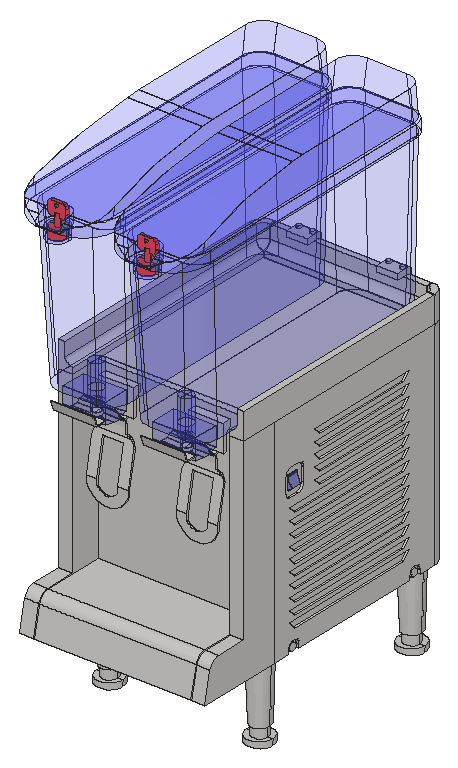
Revit family "QF_ELECTROLUXPROFESSIONAL_600924_ECS2E22UK", category Specialty Equipment, Revit 2018
Family settings
  Round Connector Dimension = Use Diameter
  Part Type = Normal
  Work Plane-Based = No
  Always vertical = Yes
  Cut with Voids When Loaded = No
  Shared = No
  Room Calculation Point = No
Parameters (values of type "Standard")
  Weight = 20.00 kg
  Watts = 0 W
  Volts = 230 V
  URL Manufacturer = "http://professional.electrolux.com"
  URL = "http://professional.electrolux.com"
  Steam Supply Size = 0 mm
  Steam Supply Minimum Pressure = 0.0 Pa
  Steam Supply Maximum Pressure = 0.0 Pa
  Steam Pounds per Hour = 0
  Refrigeration Suction Line Size = 0 mm
  Refrigeration Liquid Line Size = 0 mm
  Refrigerant Compressor Remote = yes
  Manufacturer = "Electrolux Professional"
  Phase = 1
  Model = "ECS2E22UK"
  Length Actual = 267.0 mm  # constant formula
  Item Number = "600924"
  Hot Water Size = 0 mm
  Height Actual = 729.0 mm  # constant formula
  HP = "0.5 HP"
  Gas Size = 0 mm
  Gas KW = 0
  Gas Input Pressure = 0 W
  Direct Waste Size = 0 mm
  Description = "COLD BEV DISP. 2x9 LT, AGITATOR-UK PLUG"
  Depth Actual = 451.0 mm  # constant formula
  Cycle = 60 Hz
  Condensate Return Size = 0 mm
  Compressed Air Volume = 0.0 L/s
  Compressed Air Size = 0 mm
  Compressed Air Pressure = 0.0 Pa
  Cold Water Size = 0 mm
  Accessory = yes
Reference planes
  plane 1 "Center (Front/Back)": y = 0
  plane 2 "BASE": z = 0
  plane 3 "Center (Left/Right)": x = 0
  plane 4 "FEET": z = 110
  plane 5 "BACK": y = 212
  plane 6 "LEFT": x = -133
  plane 7 "RIGHT": x = 133
  plane 8 "FeetBack": y = 182
  plane 9 "EI_Front": y = 43
  plane 10 "TopBase": z = 420
  plane 11 "TOP": z = 729
  plane 12 "FRONT": y = -256
  plane 13 "FeetFront": y = -91
  plane 14 "Fillet": y = 192
  plane 15 "EI_Left": x = 107.6
  plane 16 "BaseVasca": z = 420
  plane 17 "Key": y = -238.074
Forms (mm)
  Extrusion 1, solid, material "QF_Finishes_Rubber Black"
    sketch origin (0, -237.264, 237.417) x (-1, 0, 0) y (0, 0, 1)
      loop
        line (-134.813, 85.505) -> (-130.245, 83.471) -> (-130.245, 81.362) -> (-128, 81.362) -> (-128, 101.362) -> (-130.245, 101.362)
        arc (-130.245, 101.362) -> (-131.172, 93.043) -> (-134.813, 85.505) r 24.82
    from 185 to 170
  Extrusion 2, solid, material "QF_Clearances", detail levels coarse
    sketch origin (1888.173, -11.659, 0) x (1, 0, 0) y (0, 1, 0)
      loop
        line (-2021.173, -244.341) -> (-2021.173, 223.659) -> (-1755.173, 223.659) -> (-1755.173, -244.341) -> (-1628.173, -244.341) -> (-1628.173, 373.659) -> (-2148.173, 373.659) -> (-2148.173, -244.341) -> (-2021.173, -244.341)
    from 0 to 729
  Revolve 3, solid, material "QF_Finishes_Stainless Steel"
    sketch origin (0, -91, 0) x (0, 0, 1) y (1, 0, 0)
      loop
        line (0, 127) -> (0, 108) -> (110, 108) -> (110, 125.038) -> (23, 122) -> (23, 119) -> (8, 119) -> (8, 127) -> (0, 127)
      axis (0, 108) -> (110, 108)
    angle from 0 to 360
  Revolve 4, solid, material "QF_Finishes_Stainless Steel"
    sketch origin (0, -91, 0) x (0, 0, 1) y (1, 0, 0)
      loop
        line (0, -127) -> (8, -127) -> (8, -119) -> (23, -119) -> (23, -122) -> (110, -125.038) -> (110, -108) -> (0, -108) -> (0, -127)
      axis (0, -108) -> (110, -108)
    angle from 0 to 360
  Revolve 5, solid, material "QF_Finishes_Stainless Steel"
    sketch origin (0, 182, 0) x (-1, 0, 0) y (0, 0, 1)
      loop
        line (-127, 0) -> (-108, 0) -> (-108, 110) -> (-125.038, 110) -> (-122, 23) -> (-119, 23) -> (-119, 8) -> (-127, 8) -> (-127, 0)
      axis (-108, 0) -> (-108, 110)
    angle from 0 to 360
  Revolve 6, solid, material "QF_Finishes_Stainless Steel"
    sketch origin (0, 182, 0) x (-1, 0, 0) y (0, 0, 1)
      loop
        line (127, 0) -> (127, 8) -> (119, 8) -> (119, 23) -> (122, 23) -> (125.038, 110) -> (108, 110) -> (108, 0) -> (127, 0)
      axis (108, 0) -> (108, 110)
    angle from 0 to 360
  Extrusion 7, solid, material "QF_Finishes_Stainless Steel"
    sketch origin (133, 0, 0) x (0, -1, 0) y (0, 0, 1)
      loop
        line (96.764, 110) -> (221, 110) -> (211.598, 151.16)
        arc (211.598, 151.16) -> (205.975, 160.107) -> (196, 163.597) r 16
        line (196, 163.597) -> (151, 163.597) -> (151, 420) -> (96.764, 420) -> (96.764, 110)
    from 20 to 0
  Extrusion 8, solid, material "QF_Finishes_Stainless Steel"
    sketch origin (0, 0, 0) x (0, 1, 0) y (0, 0, 1)
      loop
        line (-96.764, 110) -> (-96.764, 420) -> (-106, 420) -> (-106, 163.597) -> (-196, 163.597)
        arc (-196, 163.597) -> (-205.975, 160.107) -> (-211.598, 151.16) r 16
        line (-211.598, 151.16) -> (-221, 110) -> (-96.764, 110)
    from -113 to 113
  Extrusion 9, solid, material "QF_Finishes_Stainless Steel"
    sketch origin (133, -1000, 0) x (0, -1, 0) y (0, 0, 1)
      loop
        line (-903.236, 110) -> (-903.236, 420) -> (-1192, 420) -> (-1192, 110) -> (-1166, 110) -> (-1166, 115.694)
        arc (-1166, 115.694) -> (-1156, 125.694) -> (-1146, 115.694) r 10
        line (-1146, 115.694) -> (-1146, 110) -> (-948, 110) -> (-948, 115.694)
        arc (-948, 115.694) -> (-938, 125.694) -> (-928, 115.694) r 10
        line (-928, 115.694) -> (-928, 110) -> (-903.236, 110)
      loop
        arc (-923.159, 339.837) -> (-926.088, 346.908) -> (-933.159, 349.837) r 10
        line (-933.159, 349.837) -> (-947.159, 349.837)
        arc (-947.159, 349.837) -> (-954.23, 346.908) -> (-957.159, 339.837) r 10
        line (-957.159, 339.837) -> (-957.159, 319.837)
        arc (-957.159, 319.837) -> (-954.23, 312.766) -> (-947.159, 309.837) r 10
        line (-947.159, 309.837) -> (-933.159, 309.837)
        arc (-933.159, 309.837) -> (-926.088, 312.766) -> (-923.159, 319.837) r 10
        line (-923.159, 319.837) -> (-923.159, 339.837)
      loop
        line (-974.071, 381.364) -> (-1149.071, 381.364) -> (-1137.071, 369.364) -> (-986.071, 369.364) -> (-974.071, 381.364)
      loop
        line (-974.071, 364.864) -> (-1149.071, 364.864) -> (-1137.071, 352.864) -> (-986.071, 352.864) -> (-974.071, 364.864)
      loop
        line (-974.071, 348.364) -> (-1149.071, 348.364) -> (-1137.071, 336.364) -> (-986.071, 336.364) -> (-974.071, 348.364)
      loop
        line (-974.071, 331.864) -> (-1149.071, 331.864) -> (-1137.071, 319.864) -> (-986.071, 319.864) -> (-974.071, 331.864)
      loop
        line (-974.071, 315.364) -> (-1149.071, 315.364) -> (-1137.071, 303.364) -> (-986.071, 303.364) -> (-974.071, 315.364)
      loop
        line (-929.071, 298.864) -> (-1149.071, 298.864) -> (-1137.071, 286.864) -> (-941.071, 286.864) -> (-929.071, 298.864)
      loop
        line (-929.071, 282.364) -> (-1149.071, 282.364) -> (-1137.071, 270.364) -> (-941.071, 270.364) -> (-929.071, 282.364)
      loop
        line (-929.071, 265.864) -> (-1149.071, 265.864) -> (-1137.071, 253.864) -> (-941.071, 253.864) -> (-929.071, 265.864)
      loop
        line (-929.071, 249.364) -> (-1149.071, 249.364) -> (-1137.071, 237.364) -> (-941.071, 237.364) -> (-929.071, 249.364)
      loop
        line (-929.071, 232.864) -> (-1149.071, 232.864) -> (-1137.071, 220.864) -> (-941.071, 220.864) -> (-929.071, 232.864)
      loop
        line (-929.071, 216.364) -> (-1149.071, 216.364) -> (-1137.071, 204.364) -> (-941.071, 204.364) -> (-929.071, 216.364)
      loop
        line (-929.071, 199.864) -> (-1149.071, 199.864) -> (-1137.071, 187.864) -> (-941.071, 187.864) -> (-929.071, 199.864)
      loop
        line (-929.071, 183.364) -> (-1149.071, 183.364) -> (-1137.071, 171.364) -> (-941.071, 171.364) -> (-929.071, 183.364)
      loop
        line (-929.071, 166.864) -> (-1149.071, 166.864) -> (-1137.071, 154.864) -> (-941.071, 154.864) -> (-929.071, 166.864)
      loop
        line (-929.071, 150.364) -> (-1149.071, 150.364) -> (-1137.071, 138.364) -> (-941.071, 138.364) -> (-929.071, 150.364)
    from 5 to 0
  Extrusion 10, solid, material "QF_Finishes_Stainless Steel"
    sketch origin (-133, 0, 0) x (0, 1, 0) y (0, 0, 1)
      loop
        line (-96.764, 110) -> (-96.764, 420) -> (-151, 420) -> (-151, 163.597) -> (-196, 163.597)
        arc (-196, 163.597) -> (-205.975, 160.107) -> (-211.598, 151.16) r 16
        line (-211.598, 151.16) -> (-221, 110) -> (-96.764, 110)
    from 20 to 0
  Extrusion 11, solid, material "QF_Finishes_Stainless Steel"
    sketch origin (-133, 0, 0) x (0, 1, 0) y (0, 0, 1)
      loop
        line (-96.764, 110) -> (-72, 110) -> (-72, 115.694)
        arc (-72, 115.694) -> (-62, 125.694) -> (-52, 115.694) r 10
        line (-52, 115.694) -> (-52, 110) -> (146, 110) -> (146, 115.694)
        arc (146, 115.694) -> (156, 125.694) -> (166, 115.694) r 10
        line (166, 115.694) -> (166, 110) -> (192, 110) -> (192, 420) -> (-96.764, 420) -> (-96.764, 110)
      loop
        line (-70.929, 381.364) -> (-58.929, 369.364) -> (137.071, 369.364) -> (149.071, 381.364) -> (-70.929, 381.364)
      loop
        line (-70.929, 364.864) -> (-58.929, 352.864) -> (137.071, 352.864) -> (149.071, 364.864) -> (-70.929, 364.864)
      loop
        line (-70.929, 348.364) -> (-58.929, 336.364) -> (137.071, 336.364) -> (149.071, 348.364) -> (-70.929, 348.364)
      loop
        line (-70.929, 331.864) -> (-58.929, 319.864) -> (137.071, 319.864) -> (149.071, 331.864) -> (-70.929, 331.864)
      loop
        line (-70.929, 315.364) -> (-58.929, 303.364) -> (137.071, 303.364) -> (149.071, 315.364) -> (-70.929, 315.364)
      loop
        line (-70.929, 298.864) -> (-58.929, 286.864) -> (137.071, 286.864) -> (149.071, 298.864) -> (-70.929, 298.864)
      loop
        line (-70.929, 282.364) -> (-58.929, 270.364) -> (137.071, 270.364) -> (149.071, 282.364) -> (-70.929, 282.364)
      loop
        line (-70.929, 265.864) -> (-58.929, 253.864) -> (137.071, 253.864) -> (149.071, 265.864) -> (-70.929, 265.864)
      loop
        line (-70.929, 249.364) -> (-58.929, 237.364) -> (137.071, 237.364) -> (149.071, 249.364) -> (-70.929, 249.364)
      loop
        line (-70.929, 232.864) -> (-58.929, 220.864) -> (137.071, 220.864) -> (149.071, 232.864) -> (-70.929, 232.864)
      loop
        line (-70.929, 216.364) -> (-58.929, 204.364) -> (137.071, 204.364) -> (149.071, 216.364) -> (-70.929, 216.364)
      loop
        line (-70.929, 199.864) -> (-58.929, 187.864) -> (137.071, 187.864) -> (149.071, 199.864) -> (-70.929, 199.864)
      loop
        line (-70.929, 183.364) -> (-58.929, 171.364) -> (137.071, 171.364) -> (149.071, 183.364) -> (-70.929, 183.364)
      loop
        line (-70.929, 166.864) -> (-58.929, 154.864) -> (137.071, 154.864) -> (149.071, 166.864) -> (-70.929, 166.864)
      loop
        line (-70.929, 150.364) -> (-58.929, 138.364) -> (137.071, 138.364) -> (149.071, 150.364) -> (-70.929, 150.364)
    from 5 to 0
  Extrusion 12, solid, material "QF_Finishes_Stainless Steel"
    sketch origin (0, 0, 0) x (0, 1, 0) y (0, 0, 1)
      loop
        line (-96.764, 110) -> (192, 110) -> (192, 420) -> (-96.764, 420) -> (-96.764, 110)
    from 128 to -128
  Extrusion 13, solid, material "QF_Finishes_Stainless Steel"
    sketch origin (0, 0, 0) x (0, 1, 0) y (0, 0, 1)
      loop
        line (212, 110) -> (212, 420) -> (192, 420) -> (192, 110) -> (212, 110)
    from 113 to -113
  Extrusion 14, solid, material "QF_Finishes_Stainless Steel"
    sketch origin (0, -256, 0) x (-1, 0, 0) y (0, 0, 1)
      loop
        line (-133, 420) -> (-113, 420) -> (-113, 428.026)
        arc (-113, 428.026) -> (-120.802, 431.235) -> (-124.037, 439.026) r 11
        line (-124.037, 439.026) -> (-124.037, 458.026) -> (-133, 458.026) -> (-133, 420)
      loop
        line (133, 420) -> (133, 458.026) -> (124.037, 458.026) -> (124.037, 439.026)
        arc (124.037, 439.026) -> (120.802, 431.235) -> (113, 428.026) r 11
        line (113, 428.026) -> (113, 420) -> (133, 420)
    from 448 to 105
  Extrusion 15, solid, material "QF_Finishes_Stainless Steel"
    sketch origin (0, 0, 0) x (0, 1, 0) y (0, 0, 1)
      loop
        line (212, 420) -> (212, 458.026) -> (203.037, 458.026) -> (203.037, 439.026)
        arc (203.037, 439.026) -> (199.802, 431.235) -> (192, 428.026) r 11
        line (192, 428.026) -> (192, 420) -> (212, 420)
    from 113 to -113
  Revolve 16, solid, material "QF_Finishes_Stainless Steel"
    sketch origin (0, 192, 0) x (-1, 0, 0) y (0, 0, 1)
      loop
        line (-113, 420) -> (-113, 428.026)
        arc (-113, 428.026) -> (-120.802, 431.235) -> (-124.037, 439.026) r 11
        line (-124.037, 439.026) -> (-124.037, 458.026) -> (-133, 458.026) -> (-133, 420) -> (-113, 420)
      axis (-113, 420) -> (-113, 458.026)
    angle from 0 to -90
  Revolve 17, solid, material "QF_Finishes_Stainless Steel"
    sketch origin (0, 192, 0) x (1, 0, 0) y (0, 0, 1)
      loop
        line (-113, 420) -> (-113, 428.026)
        arc (-113, 428.026) -> (-120.802, 431.235) -> (-124.037, 439.026) r 11
        line (-124.037, 439.026) -> (-124.037, 458.026) -> (-133, 458.026) -> (-133, 420) -> (-113, 420)
      axis (-113, 420) -> (-113, 458.026)
    angle from 0 to -90
  Extrusion 18, solid, material "QF_Finishes_Stainless Steel"
    sketch origin (0, 0, 110) x (-1, 0, 0) y (0, -1, 0)
      loop
        line (113, -192) -> (113, -212)
        arc (113, -212) -> (127.142, -206.142) -> (133, -192) r 20
        line (133, -192) -> (113, -192)
      loop
        arc (-133, -192) -> (-127.142, -206.142) -> (-113, -212) r 20
        line (-113, -212) -> (-113, -192) -> (-133, -192)
    from 0 to 310
  Extrusion 19, solid, material "QF_Finishes_Stainless Steel"
    sketch origin (133, 0, 0) x (0, -1, 0) y (0, 0, 1)
      loop
        circle (62, 115.694) r 5
      loop
        circle (-156, 115.694) r 5
    from 1 to 5
  Extrusion 20, solid, material "QF_Finishes_Stainless Steel"
    sketch origin (-133, 0, 0) x (0, 1, 0) y (0, 0, 1)
      loop
        circle (-62, 115.694) r 5
      loop
        circle (156, 115.694) r 5
    from 1 to 5
  Extrusion 21, solid, material "QF_Finishes_Stainless Steel"
    sketch origin (-0.4, 43, 110) x (-1, 0, 0) y (0, -1, 0)
      loop
        circle (-108, 0) r 10
    from 0 to -10
Lines and regions (mm)
  symbolic lines
    curve 1: arc (-113, 212, 420) -> (-127.142, 206.142, 420) -> (-133, 192, 420) r 20
    curve 2: line (113, 212, 420) -> (79.629, 212, 420)
    curve 3: arc (113, 212, 420) -> (127.142, 206.142, 420) -> (133, 192, 420) r 20
    curve 4: line (-133, 192, 420) -> (-133, -221, 420)
    curve 5: line (133, -221, 420) -> (133, 192, 420)
    curve 6: line (113, 203.037, 420) -> (79.631, 203.037, 420)
    curve 7: arc (-113, 203.037, 420) -> (-120.805, 199.805, 420) -> (-124.037, 192, 420) r 11.037
    curve 8: arc (113, 203.037, 420) -> (120.805, 199.805, 420) -> (124.037, 192, 420) r 11.037
    curve 9: line (-124.037, 192, 420) -> (-124.037, 177, 420)
    curve 10: line (124.037, 177.63, 420) -> (124.037, 192, 420)
    curve 11: line (-125.89, -151, 420) -> (-133, -151, 420)
    curve 12: line (-133, -221, 420) -> (-122.465, -221, 420)
    curve 13: line (-6.579, -221, 420) -> (10.535, -221, 420)
    curve 14: line (133, -221, 420) -> (122.574, -221, 420)
    curve 15: line (133, -151, 420) -> (126, -151, 420)
    curve 16: line (-79.631, 203.037, 420) -> (-113, 203.037, 420)
    curve 17: line (49.631, 203.037, 420) -> (-49.631, 203.037, 420)
    curve 18: line (49.631, 212, 420) -> (-49.631, 212, 420)
    curve 19: line (-79.642, 212, 420) -> (-113, 212, 420)
Dimensions and locks
  plane 4 "FEET" to level = 110.0 mm
  plane 6 "LEFT" to plane 3 "Center (Left/Right)" to plane 7 "RIGHT" = 133.0 mm, 133.0 mm
  plane 5 "BACK" to plane 1 "Center (Front/Back)" = 212.0 mm
  plane 6 "LEFT" to plane 7 "RIGHT" = 266.0 mm
  plane 5 "BACK" to plane 8 "FeetBack" = 30.0 mm
  plane 7 "RIGHT" to plane 6 "LEFT" = 266.0 mm
  plane 5 "BACK" to plane 12 "FRONT" = 468.0 mm
  plane 11 "TOP" to level = 729.0 mm
  plane 9 "EI_Front" to plane 5 "BACK" = 169.0 mm
  plane 10 "TopBase" to level = 420.0 mm
  plane 15 "EI_Left" to plane 7 "RIGHT" = 25.4 mm
  plane 5 "BACK" to plane 9 "EI_Front" = 169.0 mm
  aligned and locked: level to plane 2 "BASE"
Nested families
  nested 1: "CS2-V1" at (-64.631, 0.03, 0), type "CS2-V1"
  nested 2: "CS2-V1" at (64.631, 0.03, 0), type "CS2-V1"
Connectors
  electrical at (107.6, 43, 100), driven by "Volts"
    settings: on Extrusion 21, index 1, voltage 230 V, apparent load 0 VA, apparent load phase1 0 VA, apparent load phase2 0 VA, apparent load phase3 0 VA, power factor 1, load classification "Other", number of poles 1, system type 30, power factor state 1, is connector primary yes, connector utility no, sub classification motor no, connector description "Electrical Connection"
Definition of nested family "CS2-V1"
  Parameters (values of type "CS2-V1")
    Weight = 48.00 kg
    Watts = 71.5353 W
    Volts = 230 V
    URL Manufacturer = "http://professional.electrolux.com"
    URL = "http://professional.electrolux.com"
    Steam Supply Size = 0 mm
    Steam Supply Minimum Pressure = 0.0 Pa
    Steam Supply Maximum Pressure = 0.0 Pa
    Steam Pounds per Hour = 0
    Refrigeration Suction Line Size = 0 mm
    Refrigeration Liquid Line Size = 0 mm
    Refrigerant Compressor Remote = yes
    Manufacturer = "Electrolux"
    Phase = 1
    Model = "SP2ITNK"
    Length Actual = 447.0 mm  # constant formula
    Item Number = "560013"
    Hot Water Size = 0 mm
    Height Actual = 612.0 mm  # constant formula
    HP = "1 HP"
    Gas Size = 0 mm
    Gas KW = 0
    Gas Input Pressure = 0 W
    Description = "2X5 LT BOWL - FROZEN GRANITA AND FROZEN CREAM DISPENSER - 2 INSULATED BOWLS - WHITE"
    Depth Actual = 438.0 mm  # constant formula
    Cycle = 50 Hz
    Condensate Return Size = 0 mm
    Compressed Air Volume = 0.0 L/s
    Compressed Air Size = 0 mm
    Compressed Air Pressure = 0.0 Pa
    Cold Water Size = 0 mm
    Accessory = yes
  Reference planes
    plane 1 "Center (Front/Back)": y = 0
    plane 2 "BASE": z = 0
    plane 3 "Center (Left/Right)": x = 0
    plane 4 "FEET": z = 110
    plane 5 "BACK": y = 212
    plane 6 "LEFT": x = -66.5
    plane 7 "RIGHT": x = 66.5
    plane 8 "TopBase": z = 420
    plane 9 "TOP": z = 729
    plane 10 "FRONT": y = -256
    plane 11 "Fillet": y = 192
    plane 12 "BaseVasca": z = 420
    plane 13 "Key": y = -238.074
    plane 14: y = -168.455
  Forms (mm)
    Blend 1, solid
      base sketch origin (64.522, 0, 420) x (0, -1, 0) y (1, 0, 0)
        loop
          arc (178, -116.522) -> (195.678, -109.199) -> (203, -91.522) r 25
          line (203, -91.522) -> (203, -37.522)
          arc (203, -37.522) -> (195.678, -19.844) -> (178, -12.522) r 25
          line (178, -12.522) -> (-167, -12.522)
          arc (-167, -12.522) -> (-184.678, -19.844) -> (-192, -37.522) r 25
          line (-192, -37.522) -> (-192, -91.522)
          arc (-192, -91.522) -> (-184.678, -109.199) -> (-167, -116.522) r 25
          line (-167, -116.522) -> (178, -116.522)
      top sketch origin (64.522, 0, 420) x (0, -1, 0) y (1, 0, 0)
        loop
          arc (-192, -98.022) -> (-184.678, -115.699) -> (-167, -123.022) r 25
          line (-167, -123.022) -> (193, -123.022)
          arc (193, -123.022) -> (210.678, -115.699) -> (218, -98.022) r 25
          line (218, -98.022) -> (218, -31.022)
          arc (218, -31.022) -> (210.678, -13.344) -> (193, -6.022) r 25
          line (193, -6.022) -> (-167, -6.022)
          arc (-167, -6.022) -> (-184.678, -13.344) -> (-192, -31.022) r 25
          line (-192, -31.022) -> (-192, -98.022)
      from 8 to 247
    Blend 2, solid
      base sketch origin (133, 0, 420) x (0, -1, 0) y (1, 0, 0)
        loop
          arc (-192, -166.706) -> (-184.678, -184.383) -> (-167, -191.706) r 25
          line (-167, -191.706) -> (210.038, -191.706)
          arc (210.038, -191.706) -> (240.444, -179.111) -> (253.038, -148.706) r 43
          line (253.038, -148.706) -> (253.038, -117.706)
          arc (253.038, -117.706) -> (240.444, -87.3) -> (210.038, -74.706) r 43
          line (210.038, -74.706) -> (-167, -74.706)
          arc (-167, -74.706) -> (-184.678, -82.028) -> (-192, -99.706) r 25
          line (-192, -99.706) -> (-192, -166.706)
      top sketch origin (133, 0, 420) x (0, -1, 0) y (1, 0, 0)
        loop
          arc (-192, -161.5) -> (-184.678, -179.178) -> (-167, -186.5) r 25
          line (-167, -186.5) -> (200.138, -186.5)
          arc (200.138, -186.5) -> (235.494, -171.855) -> (250.138, -136.5) r 50
          line (250.138, -136.5) -> (250.138, -129.5)
          arc (250.138, -129.5) -> (235.494, -94.145) -> (200.138, -79.5) r 50
          line (200.138, -79.5) -> (-167, -79.5)
          arc (-167, -79.5) -> (-184.678, -86.822) -> (-192, -104.5) r 25
          line (-192, -104.5) -> (-192, -161.5)
      from 265.34 to 309
    Extrusion 3, solid
      sketch origin (64.522, 0, 420) x (0, -1, 0) y (1, 0, 0)
        loop
          line (256, -82.29) -> (256, -46.753)
          arc (256, -46.753) -> (236.607, -15.408) -> (201.845, -3.153) r 55.433
          line (201.845, -3.153) -> (-168.323, -3.153)
          arc (-168.323, -3.153) -> (-187.191, -11.767) -> (-194.9, -31.022) r 27.9
          line (-194.9, -31.022) -> (-194.9, -98.022)
          arc (-194.9, -98.022) -> (-187.191, -117.277) -> (-168.323, -125.89) r 27.9
          line (-168.323, -125.89) -> (201.845, -125.89)
          arc (201.845, -125.89) -> (236.607, -113.636) -> (256, -82.29) r 55.433
      from 265.34 to 247
    Extrusion 4, void
      sketch origin (108, 0, 0) x (0, 1, 0) y (0, 0, 1)
        loop
          line (-26.39, 729) -> (-26.39, 734) -> (-256, 734) -> (-256, 669.303) -> (-254.726, 672.803)
          arc (-254.726, 672.803) -> (-252.106, 677.514) -> (-248.147, 681.172) r 17.063
          arc (-248.147, 681.172) -> (-148.754, 713.466) -> (-45.263, 728.011) r 599.546
          line (-45.263, 728.011) -> (-26.39, 729)
      from -174.5 to -41.5
    Extrusion 5, void
      sketch origin (0, 0, 0) x (0, 1, 0) y (0, 0, 1)
        loop
          arc (-249.651, 680.531) -> (-239.286, 684.849) -> (-228.842, 688.973) r 599.546
          line (-228.842, 688.973) -> (-262.493, 688.973) -> (-262.493, 670.038) -> (-256, 670.038)
          arc (-256, 670.038) -> (-254.289, 676.17) -> (-249.651, 680.531) r 11.845
      from -66.5 to 66.5
    Extrusion 6, void
      sketch origin (0, 0, 420) x (0, -1, 0) y (1, 0, 0)
        loop
          line (238.074, -17.633) -> (256, -17.633) -> (256, 17.633) -> (238.074, 17.633)
          arc (238.074, 17.633) -> (220.441, 0) -> (238.074, -17.633) r 17.633
      from 249.303 to 265.34
    Extrusion 7, void
      sketch origin (64.522, 0, 420) x (0, -1, 0) y (1, 0, 0)
        loop
          circle (238.074, -64.522) r 12
      from 233.373 to 247
    Extrusion 8, solid
      sketch origin (64.522, 0, 420) x (0, -1, 0) y (1, 0, 0)
        loop
          circle (238.074, -64.522) r 15.757
      from 230.564 to 247
    Revolve 9, solid
      sketch origin (64.522, -238.074, 0) x (-1, 0, 0) y (0, 0, 1)
        loop
          line (64.522, 683.398) -> (61.099, 683.398) -> (61.099, 667) -> (52.522, 667) -> (52.522, 653.373) -> (64.522, 653.373) -> (64.522, 683.398)
        axis (64.522, 653.373) -> (64.522, 683.398)
      angle from 0 to 360
    Extrusion 10, solid
      sketch origin (64.522, -238.074, 0) x (-1, 0, 0) y (0, 0, 1)
        loop
          line (62.099, 683.398) -> (66.944, 683.398) -> (66.944, 678.398) -> (71.849, 678.398)
          arc (71.849, 678.398) -> (76.091, 680.156) -> (77.849, 684.398) r 6
          line (77.849, 684.398) -> (77.849, 692.398)
          arc (77.849, 692.398) -> (76.091, 696.641) -> (71.849, 698.398) r 6
          line (71.849, 698.398) -> (57.195, 698.398)
          arc (57.195, 698.398) -> (52.952, 696.641) -> (51.195, 692.398) r 6
          line (51.195, 692.398) -> (51.195, 684.398)
          arc (51.195, 684.398) -> (52.952, 680.156) -> (57.195, 678.398) r 6
          line (57.195, 678.398) -> (62.099, 678.398) -> (62.099, 683.398)
        loop
          circle (64.522, 693.106) r 3
      from -2 to 2
    Extrusion 11, solid
      sketch origin (0, 0, 0) x (0, 1, 0) y (0, 0, 1)
        loop
          line (-190.5, 428) -> (-190.5, 398) -> (-174.107, 395.109) -> (-164.107, 395.109) -> (-159.607, 399.609) -> (-153.116, 399.609) -> (-153.116, 428) -> (-190.5, 428)
      from -31.045 to 31
    Revolve 12, void
      sketch origin (0, 0, 0) x (0, 1, 0) y (0, 0, 1)
        loop
          line (-168.455, 463.265) -> (-178.327, 463.265) -> (-178.327, 410.984) -> (-175.351, 410.984) -> (-175.351, 398) -> (-174.149, 398) -> (-174.149, 388) -> (-168.455, 388) -> (-168.455, 463.265)
        axis (-168.455, 388) -> (-168.455, 463.265)
      angle from 0 to 360
    Revolve 13, solid
      sketch origin (0, 0, 0) x (0, 1, 0) y (0, 0, 1)
        loop
          line (-168.455, 385.109) -> (-163.455, 385.109) -> (-163.455, 395.109) -> (-161.56, 395.109) -> (-161.56, 398) -> (-168.455, 398) -> (-168.455, 385.109)
        axis (-168.455, 398) -> (-168.455, 385.109)
      angle from 0 to 360
    Extrusion 14, solid
      sketch origin (0, 0, 0) x (0, 1, 0) y (0, 0, 1)
        loop
          line (-211.42, 417.932) -> (-207.338, 404.58) -> (-190.5, 404.58) -> (-190.5, 405.58) -> (-206.598, 405.58) -> (-210.464, 418.224) -> (-211.42, 417.932)
      from -31.045 to 31
    Extrusion 15, solid
      sketch origin (0, 0, 0) x (0, 1, 0) y (0, 0, 1)
        loop
          line (-149.25, 259.609) -> (-148.25, 259.609) -> (-148.25, 296.088) -> (-136.39, 354.802)
          arc (-136.39, 354.802) -> (-135.207, 366.291) -> (-136.255, 377.793) r 59.784
          line (-136.255, 377.793) -> (-131.876, 379.387) -> (-129.145, 379.387) -> (-129.145, 380.887) -> (-132.141, 380.887) -> (-136.557, 379.279) -> (-139.722, 379.279) -> (-156.78, 399.609) -> (-158.086, 399.609) -> (-140.188, 378.279) -> (-137.37, 378.279)
          arc (-137.37, 378.279) -> (-136.206, 366.64) -> (-137.37, 355) r 58.784
          line (-137.37, 355) -> (-149.25, 296.188) -> (-149.25, 259.609)
      from -30 to 30
    Extrusion 16, void
      sketch origin (0, -238.074, 0) x (-1, 0, 0) y (0, 0, 1)
        loop
          line (15, 348.279) -> (-15, 348.279) -> (-15, 288.279)
          arc (-15, 288.279) -> (0, 279.279) -> (15, 288.279) r 17
          line (15, 288.279) -> (15, 348.279)
        loop
          arc (30, 288.469) -> (0, 265.279) -> (-30, 288.469) r 31
          line (-30, 288.469) -> (-30, 344.632)
          arc (-30, 344.632) -> (-26.112, 354.705) -> (-16.464, 359.553) r 14.993
          line (-16.464, 359.553) -> (-16.464, 399.609) -> (-36.464, 399.609) -> (-36.464, 259.609) -> (36.464, 259.609) -> (36.464, 399.609) -> (16.464, 399.609) -> (16.464, 359.553)
          arc (16.464, 359.553) -> (26.112, 354.705) -> (30, 344.632) r 14.993
          line (30, 344.632) -> (30, 288.469)
      from 79.263 to 108.929
    Extrusion 17, solid
      sketch origin (0, 0, 0) x (0, 1, 0) y (0, 0, 1)
        loop
          line (-133.507, 380.887) -> (-129.145, 380.887) -> (-129.145, 406.439) -> (-121.488, 410.009) -> (-121.488, 420.078) -> (-133.507, 420.078) -> (-133.507, 380.887)
      from -25 to 24.963
    Extrusion 18, solid
      sketch origin (0, 0, 0) x (0, 1, 0) y (0, 0, 1)
        loop
          line (192, 458) -> (212, 458) -> (212, 447.335) -> (215, 447.335) -> (215, 462.335)
          arc (215, 462.335) -> (213.865, 465.076) -> (211.123, 466.212) r 3.877
          line (211.123, 466.212) -> (192, 466.212) -> (192, 458)
      from 15 to -15
    Extrusion 19, solid
      sketch origin (0, 0, 420) x (0, -1, 0) y (1, 0, 0)
        loop
          circle (-207, -10) r 3
        loop
          circle (-207, 10) r 3
      from 46.212 to 48.2
  Cuts and joins
    Extrusion 4, Extrusion 6 cuts Blend 2
    Extrusion 5, Extrusion 6, Extrusion 7 cuts Extrusion 3
    Extrusion 7, Revolve 12 cuts Blend 1
    Extrusion 7 cuts Extrusion 8
    Revolve 12, Extrusion 16 cuts Extrusion 11
    Extrusion 16 cuts Extrusion 15
  Lines and regions (mm)
    symbolic lines
      curve 1: arc (-28.5, 192, 420) -> (-46.178, 184.678, 420) -> (-53.5, 167, 420) r 25
      curve 2: arc (-58.706, 167, 420) -> (-51.383, 184.678, 420) -> (-33.706, 192, 420) r 25
      curve 3: arc (-33.5, 194.9, 420) -> (-52.755, 187.191, 420) -> (-61.369, 168.323, 420) r 27.9
      curve 4: line (-33.5, 194.9, 420) -> (33.5, 194.9, 420)
      curve 5: arc (61.369, 168.323, 420) -> (52.755, 187.191, 420) -> (33.5, 194.9, 420) r 27.9
      curve 6: arc (33.294, 192, 420) -> (50.972, 184.678, 420) -> (58.294, 167, 420) r 25
      curve 7: arc (53.5, 167, 420) -> (46.178, 184.678, 420) -> (28.5, 192, 420) r 25
      curve 8: line (33.294, 192, 420) -> (-33.706, 192, 420)
      curve 9: line (-61.369, -201.845, 420) -> (-61.369, 168.323, 420)
      curve 10: line (-58.706, -210.038, 420) -> (-58.706, 167, 420)
      curve 11: line (-53.5, 167, 420) -> (-53.5, -26.39, 420)
      curve 12: line (53.5, -26.39, 420) -> (53.5, 167, 420)
      curve 13: line (58.294, 167, 420) -> (58.294, -210.038, 420)
      curve 14: line (61.369, 168.323, 420) -> (61.369, -201.845, 420)
      curve 15: line (-53.5, -26.39, 420) -> (53.5, -26.39, 420)
      curve 16: arc (-61.369, -201.845, 420) -> (-49.07, -236.662, 420) -> (-17.633, -256.03, 420) r 55.433
      curve 17: arc (-48.4, -237.968, 420) -> (-56.047, -224.923, 420) -> (-58.706, -210.038, 420) r 43
      curve 18: spline (-57.335, -207.457, 420) -> (-57.408, -210.163, 420) -> (-57.328, -212.865, 420) -> (-57.096, -215.554, 420) -> (-56.712, -218.224, 420) -> (-56.178, -220.866, 420) -> (-55.494, -223.473, 420) -> (-54.663, -226.037, 420) -> (-53.688, -228.551, 420) -> (-52.57, -231.008, 420) -> (-51.314, -233.401, 420) -> (-49.923, -235.723, 420) -> (-48.4, -237.968, 420)
      curve 19: arc (17.633, -256.03, 420) -> (49.07, -236.662, 420) -> (61.369, -201.845, 420) r 55.433
      curve 20: arc (58.294, -210.038, 420) -> (55.636, -224.923, 420) -> (47.989, -237.968, 420) r 43
      curve 21: spline (47.989, -237.968, 420) -> (49.521, -235.721, 420) -> (50.921, -233.396, 420) -> (52.187, -231.001, 420) -> (53.314, -228.543, 420) -> (54.298, -226.028, 420) -> (55.138, -223.463, 420) -> (55.831, -220.857, 420) -> (56.374, -218.216, 420) -> (56.767, -215.547, 420) -> (57.008, -212.86, 420) -> (57.096, -210.16, 420) -> (57.032, -207.457, 420)
      curve 22: line (58.294, 167, 420) -> (58.294, -210.038, 420)
      curve 23: line (-17.633, -256.03, 420) -> (-17.633, -238.074, 420)
      curve 24: line (13.327, -240.074, 420) -> (-13.327, -240.074, 420)
      curve 25: line (-13.327, -236.074, 420) -> (13.327, -236.074, 420)
      curve 26: line (17.633, -238.074, 420) -> (17.633, -256.03, 420)
      curve 27: line (17.769, -256, 420) -> (-17.769, -256, 420)
      curve 28: arc (2.777, -240.074, 420) -> (0, -241.496, 420) -> (-2.777, -240.074, 420) r 3.422
      curve 29: line (-53.5, -26.39, 420) -> (-57.335, -207.457, 420)
      curve 30: line (53.5, -26.39, 420) -> (57.032, -207.457, 420)
      curve 31: arc (17.633, -238.074, 420) -> (0, -220.441, 420) -> (-17.633, -238.074, 420) r 17.633
      curve 32: line (13.327, -240.074, 420) -> (13.327, -236.074, 420)
      curve 33: line (-13.327, -240.074, 420) -> (-13.327, -236.074, 420)
      curve 34: arc (-11.832, -236.074, 420) -> (0, -226.074, 420) -> (11.832, -236.074, 420) r 12
      curve 35: arc (11.832, -240.074, 420) -> (0, -250.074, 420) -> (-11.832, -240.074, 420) r 12
      curve 36: circle (0, -238.074, 420) r 15.757 normal (0, 0, -1)
      curve 37: arc (-2.777, -236.074, 420) -> (0, -234.652, 420) -> (2.777, -236.074, 420) r 3.422
      curve 38: line (-15, 194.9, 420) -> (-15, 215, 420)
      curve 39: line (-15, 215, 420) -> (15, 215, 420)
      curve 40: line (15, 215, 420) -> (15, 194.9, 420)
      curve 41: circle (-10, 207, 420) r 3 normal (0, 0, -1)
      curve 42: circle (10, 207, 420) r 3 normal (0, 0, 1)
  Dimensions and locks
    plane 4 "FEET" to level = 110.0 mm
    equal spacing: plane 6 "LEFT", plane 3 "Center (Left/Right)", plane 7 "RIGHT"
    plane 5 "BACK" to plane 1 "Center (Front/Back)" = 212.0 mm
    plane 6 "LEFT" to plane 7 "RIGHT" = 133.0 mm
    plane 7 "RIGHT" to plane 6 "LEFT" = 133.0 mm
    plane 5 "BACK" to plane 10 "FRONT" = 468.0 mm
    plane 9 "TOP" to level = 729.0 mm
    plane 8 "TopBase" to level = 420.0 mm
    radius of Extrusion 7 sketch curve = 12.0 mm
    aligned and locked: level to plane 2 "BASE"
  Automatic sketch dimensions
    Blend 1 sketch curve to plane 11 "Fillet" = 0.0 mm  (x2)
    Blend 1 sketch curve to Blend 1 sketch curve = 25.0 mm  (x3)
    plane 14 to Blend 1 sketch curve = 9.545 mm  (x2)
    plane 6 "LEFT" to Blend 1 sketch curve = 14.5 mm
    plane 3 "Center (Left/Right)" to Blend 1 sketch curve = 27.0 mm
    plane 7 "RIGHT" to Blend 1 sketch curve = 8.0 mm
    Blend 1 sketch curve to plane 11 "Fillet" = 25.0 mm  (x2)
    plane 6 "LEFT" to Blend 1 sketch curve = 8.0 mm
    plane 14 to Blend 1 sketch curve = 24.545 mm  (x2)
    plane 13 "Key" to Blend 1 sketch curve = 20.074 mm
    Extrusion 3 sketch curve to plane 10 "FRONT" = 0.0 mm
    Extrusion 3 sketch curve to plane 3 "Center (Left/Right)" = 5.936 mm
    plane 14 to Extrusion 3 sketch curve = 33.389 mm
    plane 3 "Center (Left/Right)" to Extrusion 3 sketch curve = 5.936 mm
    Extrusion 3 sketch curve to Extrusion 3 sketch curve = 0.0 mm
    Extrusion 3 sketch curve to plane 11 "Fillet" = 25.0 mm  (x2)
    Extrusion 3 sketch curve to plane 11 "Fillet" = 23.677 mm  (x2)
    plane 11 "Fillet" to Extrusion 3 sketch curve = 2.9 mm
    Extrusion 3 sketch curve to plane 3 "Center (Left/Right)" = 17.769 mm
    plane 3 "Center (Left/Right)" to Extrusion 3 sketch curve = 17.769 mm
    Extrusion 4 sketch curve to plane 10 "FRONT" = 0.0 mm
    plane 9 "TOP" to Extrusion 4 sketch curve = 0.0 mm
    plane 10 "FRONT" to Extrusion 4 sketch curve = 1.274 mm
    Extrusion 4 sketch curve to plane 13 "Key" = 0.619 mm
    plane 9 "TOP" to Extrusion 4 sketch curve = 0.989 mm
    plane 1 "Center (Front/Back)" to Extrusion 4 sketch curve = 45.263 mm
    Extrusion 4 sketch curve to Extrusion 4 sketch curve = 18.873 mm
    plane 1 "Center (Front/Back)" to Extrusion 4 sketch curve = 13.885 mm
    plane 9 "TOP" to Extrusion 4 sketch curve = 56.197 mm
    Extrusion 4 sketch curve to Extrusion 4 sketch curve = 3.5 mm
    Extrusion 4 sketch curve to Extrusion 4 sketch curve = 5.836 mm
    plane 4 "FEET" to Extrusion 4 sketch curve = 19.287 mm
    Extrusion 4 sketch curve to plane 9 "TOP" = 5.0 mm
    Extrusion 5 sketch curve to plane 10 "FRONT" = 0.0 mm
    Extrusion 5 sketch curve to plane 10 "FRONT" = 6.493 mm
    Extrusion 5 sketch curve to plane 13 "Key" = 6.081 mm
    plane 13 "Key" to Extrusion 5 sketch curve = 9.232 mm
    plane 1 "Center (Front/Back)" to Extrusion 5 sketch curve = 13.885 mm
    plane 4 "FEET" to Extrusion 5 sketch curve = 19.287 mm
    plane 9 "TOP" to Extrusion 5 sketch curve = 58.962 mm
    Extrusion 5 sketch curve to Extrusion 5 sketch curve = 18.935 mm
    Extrusion 6 sketch curve to plane 3 "Center (Left/Right)" = 0.0 mm
    Extrusion 6 sketch curve to plane 13 "Key" = 0.0 mm
    Extrusion 6 sketch curve to plane 10 "FRONT" = 0.0 mm
    Extrusion 6 sketch curve to plane 3 "Center (Left/Right)" = 17.633 mm
    Extrusion 7 sketch curve to plane 3 "Center (Left/Right)" = 0.0 mm
    Extrusion 7 sketch curve to plane 13 "Key" = 0.0 mm
    Extrusion 8 sketch curve to plane 3 "Center (Left/Right)" = 0.0 mm
    Extrusion 8 sketch curve to plane 13 "Key" = 0.0 mm
    Revolve 9 sketch curve to plane 3 "Center (Left/Right)" = 0.0 mm  (x2)
    Revolve 9 sketch curve to Revolve 9 sketch curve = 3.422 mm
    Revolve 9 sketch curve to Revolve 9 sketch curve = 12.0 mm
    plane 9 "TOP" to Revolve 9 sketch curve = 75.627 mm
    Revolve 9 sketch curve to Revolve 9 sketch curve = 13.627 mm
    Revolve 9 sketch curve to Revolve 9 sketch curve = 16.398 mm
    Revolve 9 sketch curve to Revolve 9 sketch curve = 2.303 mm
    plane 9 "TOP" to Revolve 9 sketch curve = 22.746 mm
    Extrusion 10 sketch curve to plane 3 "Center (Left/Right)" = 0.0 mm
    plane 3 "Center (Left/Right)" to Extrusion 10 sketch curve = 2.422 mm
    plane 3 "Center (Left/Right)" to Extrusion 10 sketch curve = 7.327 mm
    Extrusion 10 sketch curve to Extrusion 10 sketch curve = 4.905 mm  (x2)
    Extrusion 10 sketch curve to Extrusion 10 sketch curve = 6.0 mm  (x2)
    Extrusion 10 sketch curve to plane 3 "Center (Left/Right)" = 2.422 mm
    Extrusion 10 sketch curve to plane 3 "Center (Left/Right)" = 7.327 mm
    plane 9 "TOP" to Extrusion 10 sketch curve = 50.602 mm
    Extrusion 10 sketch curve to Extrusion 10 sketch curve = 0.0 mm
    Extrusion 10 sketch curve to Extrusion 10 sketch curve = 5.0 mm
    Extrusion 10 sketch curve to Extrusion 10 sketch curve = 8.0 mm
    Extrusion 10 sketch curve to Extrusion 10 sketch curve = 0.707 mm
    plane 8 "TopBase" to Extrusion 11 sketch curve = 8.0 mm
    plane 14 to Extrusion 11 sketch curve = 22.045 mm
    plane 14 to Extrusion 11 sketch curve = 5.651 mm
    Extrusion 11 sketch curve to plane 14 = 4.349 mm
    Extrusion 11 sketch curve to Extrusion 11 sketch curve = 4.499 mm  (x2)
    Extrusion 11 sketch curve to plane 14 = 15.339 mm
    Extrusion 11 sketch curve to plane 8 "TopBase" = 20.391 mm
    Extrusion 11 sketch curve to plane 8 "TopBase" = 22.0 mm
    Revolve 12 sketch curve to plane 14 = 0.0 mm  (x2)
    plane 14 to Revolve 12 sketch curve = 5.694 mm
    plane 14 to Revolve 12 sketch curve = 6.896 mm
    Revolve 12 sketch curve to Revolve 12 sketch curve = 9.871 mm
    Revolve 12 sketch curve to plane 8 "TopBase" = 32.0 mm
    Revolve 12 sketch curve to Revolve 12 sketch curve = 10.0 mm
    Revolve 12 sketch curve to plane 8 "TopBase" = 9.016 mm
    plane 8 "TopBase" to Revolve 12 sketch curve = 43.265 mm
    Revolve 12 sketch curve to Revolve 12 sketch curve = 0.0 mm
    Revolve 12 sketch curve to Revolve 12 sketch curve = 20.0 mm
    Revolve 13 sketch curve to plane 14 = 0.0 mm  (x2)
    Revolve 13 sketch curve to plane 14 = 5.0 mm
    Revolve 13 sketch curve to Revolve 13 sketch curve = 1.896 mm
    Revolve 13 sketch curve to plane 8 "TopBase" = 34.891 mm
    Revolve 13 sketch curve to Revolve 13 sketch curve = 10.0 mm
    Revolve 13 sketch curve to Revolve 13 sketch curve = 2.891 mm
    Revolve 13 sketch curve to Revolve 13 sketch curve = 7.275 mm
    Revolve 13 sketch curve to plane 8 "TopBase" = 9.016 mm
    Extrusion 14 sketch curve to plane 8 "TopBase" = 2.068 mm
    plane 13 "Key" to Extrusion 14 sketch curve = 26.654 mm
    Extrusion 14 sketch curve to plane 8 "TopBase" = 1.776 mm
    Extrusion 14 sketch curve to Extrusion 14 sketch curve = 0.956 mm
    Extrusion 14 sketch curve to Extrusion 14 sketch curve = 4.082 mm
    Extrusion 14 sketch curve to Extrusion 14 sketch curve = 0.74 mm
    Extrusion 14 sketch curve to Extrusion 14 sketch curve = 16.098 mm
    Extrusion 15 sketch curve to Extrusion 15 sketch curve = 0.0 mm  (x3)
    plane 14 to Extrusion 15 sketch curve = 26.535 mm
    Extrusion 15 sketch curve to plane 14 = 10.37 mm
    Extrusion 15 sketch curve to Extrusion 15 sketch curve = 1.305 mm
    Extrusion 15 sketch curve to plane 14 = 19.205 mm
    Extrusion 15 sketch curve to Extrusion 15 sketch curve = 1.0 mm  (x2)
    Extrusion 15 sketch curve to Extrusion 15 sketch curve = 16.592 mm
    Extrusion 15 sketch curve to Extrusion 15 sketch curve = 0.466 mm
    Extrusion 15 sketch curve to Extrusion 15 sketch curve = 2.352 mm
    Extrusion 15 sketch curve to Extrusion 15 sketch curve = 0.812 mm
    Extrusion 15 sketch curve to Extrusion 15 sketch curve = 0.98 mm
    Extrusion 15 sketch curve to Extrusion 15 sketch curve = 1.114 mm
    Extrusion 15 sketch curve to Extrusion 15 sketch curve = 4.417 mm
    Extrusion 15 sketch curve to Extrusion 15 sketch curve = 0.264 mm
    Extrusion 15 sketch curve to Extrusion 15 sketch curve = 2.731 mm
    plane 4 "FEET" to Extrusion 15 sketch curve = 149.609 mm
    Extrusion 15 sketch curve to Extrusion 15 sketch curve = 36.479 mm
    Extrusion 15 sketch curve to Extrusion 15 sketch curve = 0.1 mm
    Extrusion 15 sketch curve to Extrusion 15 sketch curve = 58.714 mm
    Extrusion 15 sketch curve to Extrusion 15 sketch curve = 0.198 mm
    Extrusion 15 sketch curve to plane 8 "TopBase" = 53.36 mm
    Extrusion 15 sketch curve to Extrusion 15 sketch curve = 1.594 mm
    Extrusion 15 sketch curve to Extrusion 15 sketch curve = 1.5 mm
    Extrusion 15 sketch curve to plane 8 "TopBase" = 20.391 mm
    Extrusion 16 sketch curve to Extrusion 16 sketch curve = 0.0 mm  (x3)
    Extrusion 16 sketch curve to plane 3 "Center (Left/Right)" = 0.0 mm
    plane 3 "Center (Left/Right)" to Extrusion 16 sketch curve = 15.0 mm
    Extrusion 16 sketch curve to Extrusion 16 sketch curve = 0.007 mm  (x2)
    plane 3 "Center (Left/Right)" to Extrusion 16 sketch curve = 16.464 mm
    Extrusion 16 sketch curve to Extrusion 16 sketch curve = 15.0 mm  (x2)
    Extrusion 16 sketch curve to Extrusion 16 sketch curve = 20.0 mm  (x2)
    Extrusion 16 sketch curve to plane 3 "Center (Left/Right)" = 15.0 mm
    Extrusion 16 sketch curve to plane 3 "Center (Left/Right)" = 16.464 mm
    plane 4 "FEET" to Extrusion 16 sketch curve = 149.609 mm
    Extrusion 16 sketch curve to Extrusion 16 sketch curve = 28.671 mm
    Extrusion 16 sketch curve to Extrusion 16 sketch curve = 0.19 mm
    Extrusion 16 sketch curve to Extrusion 16 sketch curve = 8.0 mm
    Extrusion 16 sketch curve to Extrusion 16 sketch curve = 56.163 mm
    Extrusion 16 sketch curve to Extrusion 16 sketch curve = 3.647 mm
    Extrusion 16 sketch curve to plane 8 "TopBase" = 20.391 mm  (x2)
    Extrusion 17 sketch curve to plane 14 = 34.948 mm
    Extrusion 17 sketch curve to Extrusion 17 sketch curve = 4.362 mm
    Extrusion 17 sketch curve to Extrusion 17 sketch curve = 7.657 mm
    Extrusion 17 sketch curve to plane 8 "TopBase" = 39.113 mm
    Extrusion 17 sketch curve to plane 8 "TopBase" = 13.561 mm
    Extrusion 17 sketch curve to Extrusion 17 sketch curve = 3.57 mm
    plane 8 "TopBase" to Extrusion 17 sketch curve = 0.078 mm
    Blend 2 sketch curve to plane 11 "Fillet" = 0.0 mm  (x2)
    plane 6 "LEFT" to Blend 2 sketch curve = 7.794 mm
    Blend 2 sketch curve to plane 11 "Fillet" = 25.0 mm  (x3)
    Blend 2 sketch curve to Blend 2 sketch curve = 25.0 mm
    plane 7 "RIGHT" to Blend 2 sketch curve = 8.206 mm
    plane 13 "Key" to Blend 2 sketch curve = 28.035 mm
    plane 10 "FRONT" to Blend 2 sketch curve = 2.962 mm
    Blend 2 sketch curve to plane 3 "Center (Left/Right)" = 15.706 mm
    plane 7 "RIGHT" to Blend 2 sketch curve = 13.0 mm
    plane 6 "LEFT" to Blend 2 sketch curve = 13.0 mm
    plane 3 "Center (Left/Right)" to Blend 2 sketch curve = 3.5 mm
    plane 14 to Blend 2 sketch curve = 31.683 mm
    Blend 2 sketch curve to plane 3 "Center (Left/Right)" = 3.5 mm
    Extrusion 18 sketch curve to plane 5 "BACK" = 0.0 mm
    Extrusion 18 sketch curve to plane 5 "BACK" = 0.877 mm
    plane 5 "BACK" to Extrusion 18 sketch curve = 3.0 mm
    plane 8 "TopBase" to Extrusion 18 sketch curve = 27.335 mm
    plane 8 "TopBase" to Extrusion 18 sketch curve = 38.0 mm
    Extrusion 18 sketch curve to Extrusion 18 sketch curve = 4.335 mm
    Extrusion 18 sketch curve to plane 11 "Fillet" = 0.0 mm
    Extrusion 19 sketch curve to plane 5 "BACK" = 5.0 mm  (x2)
    Extrusion 19 sketch curve to plane 3 "Center (Left/Right)" = 10.0 mm
    plane 3 "Center (Left/Right)" to Extrusion 19 sketch curve = 10.0 mm
    curve 28 to curve 31 = 0.0 mm
    curve 28 to curve 34 = 0.0 mm  (x2)
    curve 28 to curve 35 = 0.0 mm  (x2)
    curve 28 to curve 37 = 0.0 mm
    curve 31 to curve 37 = 0.0 mm  (x2)
    curve 35 to curve 36 = 0.0 mm
    curve 36 to curve 37 = 0.0 mm
    curve 6 to plane 11 "Fillet" = 0.0 mm
    curve 28 to plane 3 "Center (Left/Right)" = 0.0 mm
    curve 28 to plane 13 "Key" = 0.0 mm
    curve 27 to plane 10 "FRONT" = 0.0 mm
    plane 5 "BACK" to curve 40 = 3.0 mm
    curve 41 to plane 5 "BACK" = 5.0 mm
    curve 42 to plane 5 "BACK" = 5.0 mm
    plane 11 "Fillet" to curve 4 = 2.9 mm
    plane 7 "RIGHT" to curve 14 = 5.131 mm
    curve 14 to plane 11 "Fillet" = 23.677 mm
    plane 6 "LEFT" to curve 9 = 5.131 mm
    curve 9 to plane 11 "Fillet" = 23.677 mm
    curve 7 to curve 7 = 25.0 mm
    curve 3 to curve 10 = 1.323 mm
    curve 2 to curve 11 = 0.0 mm
    curve 5 to curve 13 = 1.323 mm
    curve 6 to curve 5 = 0.0 mm
    curve 2 to curve 3 = 0.0 mm
    plane 6 "LEFT" to curve 11 = 13.0 mm
    plane 1 "Center (Front/Back)" to curve 11 = 26.39 mm
    plane 3 "Center (Left/Right)" to curve 19 = 5.936 mm
    plane 14 to curve 19 = 33.389 mm
    plane 14 to curve 9 = 33.389 mm
    plane 6 "LEFT" to curve 29 = 9.165 mm
    curve 16 to curve 29 = 5.612 mm
    plane 7 "RIGHT" to curve 30 = 9.468 mm
    curve 19 to curve 30 = 5.612 mm
    curve 30 to curve 22 = 2.581 mm
    curve 16 to curve 17 = 8.193 mm
    plane 13 "Key" to curve 25 = 2.0 mm
    curve 32 to plane 13 "Key" = 2.0 mm
    curve 23 to plane 10 "FRONT" = 0.03 mm
    curve 26 to plane 10 "FRONT" = 0.03 mm
    curve 3 to curve 10 = 2.663 mm
    curve 17 to curve 16 = 9.77 mm
    curve 38 to plane 3 "Center (Left/Right)" = 15.0 mm
    curve 23 to curve 33 = 4.306 mm
    plane 3 "Center (Left/Right)" to curve 42 = 10.0 mm
    curve 32 to curve 31 = 4.306 mm
    curve 42 to curve 40 = 5.0 mm
    curve 19 to curve 20 = 9.359 mm
    curve 7 to curve 5 = 5.0 mm
    curve 6 to curve 5 = 0.206 mm
    curve 18 to plane 3 "Center (Left/Right)" = 4.153 mm
    curve 16 to curve 18 = 6.764 mm
    plane 3 "Center (Left/Right)" to curve 21 = 3.667 mm
    curve 19 to curve 21 = 6.913 mm
    curve 20 to curve 21 = 9.411 mm
    curve 10 to curve 18 = 12.185 mm
    curve 27 to curve 23 = 0.136 mm
    curve 25 to curve 34 = 1.495 mm
    curve 24 to curve 35 = 1.495 mm
    curve 28 to plane 3 "Center (Left/Right)" = 2.777 mm
    curve 37 to plane 3 "Center (Left/Right)" = 2.777 mm
    curve 26 to curve 27 = 0.136 mm
    curve 38 to curve 41 = 5.0 mm
    radius of Extrusion 8 sketch curve = 15.757 mm
    radius of Extrusion 10 sketch curve = 3.0 mm
    radius of Extrusion 19 sketch curve = 3.0 mm  (x2)
    radius of curve 36 = 15.757 mm
    radius of curve 41 = 3.0 mm
    radius of curve 42 = 3.0 mm
